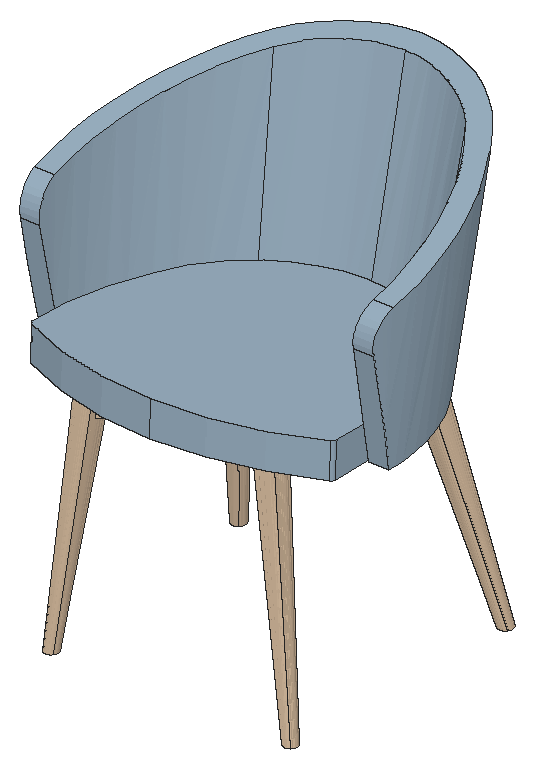
Revit family "FU_Stool_Sandler_Kicca 167", category Furniture, Revit 2020
Family settings
  OmniClass Number = 23.40.20.00
  OmniClass Title = General Furniture and Specialties
  Work Plane-Based = No
  Always vertical = Yes
  Cut with Voids When Loaded = No
  Shared = No
  Room Calculation Point = No
Parameters
  Width = 620 mm
  URL = "https://www.sandlerseating.com/product/kicca-167/"
  Seat Material = Leather - Sandler 227
  Model = "Kicca 167"
  Manufacturer = "Sandler"
  Height = 760 mm
  Frame Finish = Wood - Beech - Chestnut Stain
  Description = "Upholstered armchair with 4-leg solid wood frame."
  Depth = 570 mm
  Default Elevation = 0 mm
Reference planes
  plane 1 "Center (Front/Back)": y = 0
  plane 2: z = 0
  plane 3 "Center (Left/Right)": x = 0
  plane 4 "Right": x = -310
  plane 5 "Left": x = 310
  plane 6 "Back": y = 285
  plane 7 "Front": y = -285
  plane 8 "Height": z = 760
  plane 9 "Seat height": z = 460
  plane 10 "FL Angle RIGHT": through (4267.2, -236.096, 0) normal (0, -0.9984, 0.0559)
  plane 11 "BL Angle RIGHT": through (4267.2, 185.788, 0) normal (0, -0.9712, -0.2381)
  plane 12 "FRL Angle FRONT": through (-199.441, -1524, 0) normal (-0.9925, 0, 0.1226)
  plane 13 "FLL Angle FRONT": through (199.441, -1524, 0) normal (-0.9925, 0, -0.1226)
  plane 14 "BRL Angle Front": through (-224.525, -1524, 0) normal (-0.9852, 0, 0.1717)
  plane 15 "Cross Frame Angle RIGHT": through (4267.2, -223.687, 361.313) normal (0, 0.0438, 0.999)
Forms (mm)
  SweptBlend 1, solid, material "Wood - Beech - Chestnut Stain" <- "Frame Finish"
    path origin (0, -235.36, 13.167) x (0, -0.055857, -0.998439) y (1, 0, 0)
      loop
        line (19.937, -199.796) -> (-406.126, -147.097)
    profile origin (-199.796, -236.473, -6.739) x (-0.992437, 0.006857, 0.12256) y (0, -0.998439, 0.055857)
      loop
        arc (7.931, -7.622) -> (10.995, 0.334) -> (7.454, 8.09) r 11
        arc (7.454, 8.09) -> (-1.37, 10.914) -> (-9.222, 5.997) r 11
        arc (-9.222, 5.997) -> (-10.974, -0.759) -> (-8.308, -7.21) r 11
        arc (-8.308, -7.21) -> (-0.279, -10.996) -> (7.931, -7.622) r 11
    end profile origin (-147.097, -212.675, 418.659) x (-0.992437, 0.006857, 0.12256) y (0, -0.998439, 0.055857)
      loop
        line (18.077, 15.631) -> (-17.149, 18.095) -> (-19.541, -16.113) -> (15.685, -18.576) -> (18.077, 15.631)
  SweptBlend 2, solid, material "Wood - Beech - Chestnut Stain" <- "Frame Finish"
    path origin (0, -235.36, 13.167) x (0, -0.055857, -0.998439) y (-1, 0, 0)
      loop
        line (19.937, -199.796) -> (-406.126, -147.097)
    profile origin (199.796, -236.473, -6.739) x (-0.992437, -0.006857, -0.12256) y (0, -0.998439, 0.055857)
      loop
        arc (-7.931, -7.622) -> (0.279, -10.996) -> (8.308, -7.21) r 11
        arc (8.308, -7.21) -> (10.974, -0.759) -> (9.222, 5.997) r 11
        arc (9.222, 5.997) -> (1.37, 10.914) -> (-7.454, 8.09) r 11
        arc (-7.454, 8.09) -> (-10.995, 0.334) -> (-7.931, -7.622) r 11
    end profile origin (147.097, -212.675, 418.659) x (-0.992437, -0.006857, -0.12256) y (0, -0.998439, 0.055857)
      loop
        line (-18.077, 15.631) -> (-15.685, -18.576) -> (19.541, -16.113) -> (17.149, 18.095) -> (-18.077, 15.631)
  SweptBlend 3, solid, material "Wood - Beech - Chestnut Stain" <- "Frame Finish"
    path origin (0, 175.256, 42.961) x (0, 0.238086, -0.971244) y (1, 0, 0)
      loop
        line (59.699, -227.179) -> (-374.12, -153.685)
    profile origin (-227.179, 189.47, -15.02) x (-0.985952, -0.039768, 0.162228) y (0, -0.971244, -0.238086)
      loop
        arc (4.435, -4.781) -> (8.368, 2.34) -> (6.333, 10.216) r 11
        arc (6.333, 10.216) -> (-0.818, 14.584) -> (-8.97, 12.649) r 11
        arc (-8.97, 12.649) -> (-13.351, 5.773) -> (-11.796, -2.23) r 11
        arc (-11.796, -2.23) -> (-4.253, -7.146) -> (4.435, -4.781) r 11
    end profile origin (-153.685, 86.184, 406.324) x (-0.985952, -0.039768, 0.162228) y (0, -0.971244, -0.238086)
      loop
        line (18.077, 13.716) -> (-16.901, 14.937) -> (-16.901, -20.563) -> (18.077, -21.784) -> (18.077, 13.716)
  SweptBlend 4, solid, material "Wood - Beech - Chestnut Stain" <- "Frame Finish"
    path origin (0, 175.256, 42.961) x (0, 0.238086, -0.971244) y (-1, 0, 0)
      loop
        line (59.699, -227.179) -> (-374.12, -153.685)
    profile origin (227.179, 189.47, -15.02) x (-0.985952, 0.039768, -0.162228) y (0, -0.971244, -0.238086)
      loop
        arc (-4.435, -4.781) -> (4.253, -7.146) -> (11.796, -2.23) r 11
        arc (11.796, -2.23) -> (13.351, 5.773) -> (8.97, 12.649) r 11
        arc (8.97, 12.649) -> (0.818, 14.584) -> (-6.333, 10.216) r 11
        arc (-6.333, 10.216) -> (-8.368, 2.34) -> (-4.435, -4.781) r 11
    end profile origin (153.685, 86.184, 406.324) x (-0.985952, 0.039768, -0.162228) y (0, -0.971244, -0.238086)
      loop
        line (-18.077, 13.716) -> (-18.077, -21.784) -> (16.901, -20.563) -> (16.901, 14.937) -> (-18.077, 13.716)
  Extrusion 5, void
    sketch origin (0, 0, 0) x (1, 0, 0) y (0, 1, 0)
      loop
        line (-216.424, -220) -> (-216.424, -254.304) -> (-182.001, -254.304) -> (-182.001, -220) -> (-216.424, -220)
    from 0 to -15
  Extrusion 6, void
    sketch origin (0, 0, 0) x (-1, 0, 0) y (0, -1, 0)
      loop
        line (-216.424, 220) -> (-182.001, 220) -> (-182.001, 254.304) -> (-216.424, 254.304) -> (-216.424, 220)
    from 0 to -15
  Extrusion 7, void
    sketch origin (24.679, -50.599, 0) x (-1, 0, 0) y (0, -1, 0)
      loop
        line (-216.424, -218.092) -> (-216.424, -253.347) -> (-182.001, -253.347) -> (-182.001, -218.092) -> (-216.424, -218.092)
    from 0 to -26.796
  Extrusion 8, void
    sketch origin (-24.679, -50.599, 0) x (1, 0, 0) y (0, 1, 0)
      loop
        line (-216.424, 218.092) -> (-182.001, 218.092) -> (-182.001, 253.347) -> (-216.424, 253.347) -> (-216.424, 218.092)
    from 0 to -26.796
  Extrusion 9, solid, material "Wood - Beech - Chestnut Stain" <- "Frame Finish"
    sketch origin (0, 15.375, 350.836) x (0, -0.999041, 0.043783) y (1, 0, 0)
      loop
        line (221.723, -162.594) -> (243.428, -140.889) -> (-69.977, 172.516) -> (-91.681, 150.811) -> (221.723, -162.594)
    from 0 to 56.494
  Extrusion 10, solid, material "Wood - Beech - Chestnut Stain" <- "Frame Finish"
    sketch origin (0, 15.375, 350.836) x (0, -0.999041, 0.043783) y (1, 0, 0)
      loop
        line (221.723, 162.594) -> (-91.681, -150.811) -> (-69.977, -172.516) -> (243.428, 140.889) -> (221.723, 162.594)
    from 0 to 56.494
Cuts and joins
  Extrusion 8 cuts SweptBlend 3
  Extrusion 7 cuts SweptBlend 4
  Extrusion 6 cuts SweptBlend 2
  Extrusion 5 cuts SweptBlend 1
Dimensions and locks
  equal spacing: plane 4 "Right", plane 3 "Center (Left/Right)", plane 5 "Left"
  "Width": plane 4 "Right" to plane 5 "Left"
  equal spacing: plane 6 "Back", plane 1 "Center (Front/Back)", plane 7 "Front"
  "Depth": plane 6 "Back" to plane 7 "Front"
  "Height": plane 8 "Height" to level
  plane 9 "Seat height" to level = 460 mm
  aligned and locked: level to plane 2
Automatic sketch dimensions
  SweptBlend 1 sketch curve to plane 3 "Center (Left/Right)" = 147.097 mm
  SweptBlend 1 sketch curve to plane 4 "Right" = 110.204 mm
  SweptBlend 1 sketch curve to SweptBlend 1 sketch curve = 426.063 mm
  SweptBlend 1 sketch curve to SweptBlend 1 sketch curve = 0 mm  (x12)
  plane 10 "FL Angle RIGHT" to SweptBlend 1 sketch curve = 0 mm
  SweptBlend 1 sketch curve to profile plane = 0 mm
  profile plane to SweptBlend 1 sketch curve = 8.308 mm
  profile plane to SweptBlend 1 sketch curve = 9.222 mm
  SweptBlend 1 sketch curve to profile plane = 7.454 mm
  SweptBlend 1 sketch curve to profile plane = 7.931 mm
  SweptBlend 1 sketch curve to plane 10 "FL Angle RIGHT" = 7.21 mm
  profile plane to SweptBlend 1 sketch curve = 19.541 mm
  profile plane to SweptBlend 1 sketch curve = 17.149 mm
  SweptBlend 1 sketch curve to profile plane = 15.685 mm
  SweptBlend 1 sketch curve to plane 10 "FL Angle RIGHT" = 18.576 mm
  SweptBlend 1 sketch curve to plane 10 "FL Angle RIGHT" = 16.113 mm
  SweptBlend 2 sketch curve to plane 3 "Center (Left/Right)" = 147.097 mm
  SweptBlend 2 sketch curve to plane 5 "Left" = 110.204 mm
  SweptBlend 2 sketch curve to SweptBlend 2 sketch curve = 426.063 mm
  SweptBlend 2 sketch curve to SweptBlend 2 sketch curve = 0 mm  (x12)
  plane 10 "FL Angle RIGHT" to SweptBlend 2 sketch curve = 0 mm
  SweptBlend 2 sketch curve to profile plane = 0 mm
  profile plane to SweptBlend 2 sketch curve = 7.454 mm
  profile plane to SweptBlend 2 sketch curve = 7.931 mm
  SweptBlend 2 sketch curve to profile plane = 8.308 mm
  SweptBlend 2 sketch curve to profile plane = 9.222 mm
  SweptBlend 2 sketch curve to plane 10 "FL Angle RIGHT" = 7.21 mm
  profile plane to SweptBlend 2 sketch curve = 18.077 mm
  profile plane to SweptBlend 2 sketch curve = 15.685 mm
  SweptBlend 2 sketch curve to profile plane = 17.149 mm
  SweptBlend 2 sketch curve to plane 10 "FL Angle RIGHT" = 18.576 mm
  SweptBlend 2 sketch curve to plane 10 "FL Angle RIGHT" = 16.113 mm
  SweptBlend 3 sketch curve to plane 3 "Center (Left/Right)" = 153.685 mm
  SweptBlend 3 sketch curve to plane 4 "Right" = 82.821 mm
  SweptBlend 3 sketch curve to SweptBlend 3 sketch curve = 433.819 mm
  SweptBlend 3 sketch curve to SweptBlend 3 sketch curve = 0 mm  (x12)
  profile plane to SweptBlend 3 sketch curve = 2.545 mm
  plane 11 "BL Angle RIGHT" to SweptBlend 3 sketch curve = 3.721 mm
  profile plane to SweptBlend 3 sketch curve = 8.97 mm
  SweptBlend 3 sketch curve to plane 11 "BL Angle RIGHT" = 2.23 mm
  SweptBlend 3 sketch curve to SweptBlend 3 sketch curve = 9.252 mm
  SweptBlend 3 sketch curve to profile plane = 4.435 mm
  SweptBlend 3 sketch curve to profile plane = 6.333 mm
  profile plane to SweptBlend 3 sketch curve = 16.901 mm
  SweptBlend 3 sketch curve to profile plane = 18.077 mm
  SweptBlend 3 sketch curve to plane 11 "BL Angle RIGHT" = 21.784 mm
  SweptBlend 3 sketch curve to plane 11 "BL Angle RIGHT" = 20.563 mm
  plane 11 "BL Angle RIGHT" to SweptBlend 3 sketch curve = 13.716 mm
  plane 11 "BL Angle RIGHT" to SweptBlend 3 sketch curve = 14.937 mm
  SweptBlend 4 sketch curve to plane 3 "Center (Left/Right)" = 153.685 mm
  SweptBlend 4 sketch curve to plane 5 "Left" = 82.821 mm
  SweptBlend 4 sketch curve to SweptBlend 4 sketch curve = 433.819 mm
  SweptBlend 4 sketch curve to SweptBlend 4 sketch curve = 0 mm  (x12)
  SweptBlend 4 sketch curve to profile plane = 2.545 mm
  plane 11 "BL Angle RIGHT" to SweptBlend 4 sketch curve = 3.721 mm
  profile plane to SweptBlend 4 sketch curve = 4.435 mm
  profile plane to SweptBlend 4 sketch curve = 6.333 mm
  SweptBlend 4 sketch curve to profile plane = 8.97 mm
  SweptBlend 4 sketch curve to plane 11 "BL Angle RIGHT" = 2.23 mm
  SweptBlend 4 sketch curve to SweptBlend 4 sketch curve = 9.252 mm
  profile plane to SweptBlend 4 sketch curve = 18.077 mm
  SweptBlend 4 sketch curve to profile plane = 16.901 mm
  SweptBlend 4 sketch curve to plane 11 "BL Angle RIGHT" = 21.784 mm
  SweptBlend 4 sketch curve to plane 11 "BL Angle RIGHT" = 20.563 mm
  plane 11 "BL Angle RIGHT" to SweptBlend 4 sketch curve = 13.716 mm
  plane 11 "BL Angle RIGHT" to SweptBlend 4 sketch curve = 14.937 mm
  plane 7 "Front" to Extrusion 5 sketch curve = 30.696 mm
  Extrusion 5 sketch curve to plane 4 "Right" = 93.576 mm
  Extrusion 5 sketch curve to Extrusion 5 sketch curve = 34.423 mm
  Extrusion 5 sketch curve to Extrusion 5 sketch curve = 34.304 mm
  Extrusion 6 sketch curve to plane 7 "Front" = 30.696 mm
  Extrusion 6 sketch curve to plane 5 "Left" = 93.576 mm
  Extrusion 6 sketch curve to Extrusion 6 sketch curve = 34.423 mm
  Extrusion 6 sketch curve to Extrusion 6 sketch curve = 34.304 mm
  plane 5 "Left" to Extrusion 7 sketch curve = 68.897 mm
  Extrusion 7 sketch curve to Extrusion 7 sketch curve = 34.423 mm
  Extrusion 7 sketch curve to plane 6 "Back" = 82.252 mm
  Extrusion 7 sketch curve to Extrusion 7 sketch curve = 35.255 mm
  plane 4 "Right" to Extrusion 8 sketch curve = 68.897 mm
  Extrusion 8 sketch curve to Extrusion 8 sketch curve = 34.423 mm
  plane 6 "Back" to Extrusion 8 sketch curve = 82.252 mm
  Extrusion 8 sketch curve to Extrusion 8 sketch curve = 35.255 mm
  plane 3 "Center (Left/Right)" to Extrusion 9 sketch curve = 150.811 mm
  plane 5 "Left" to Extrusion 9 sketch curve = 137.484 mm
  Extrusion 9 sketch curve to Extrusion 9 sketch curve = 21.705 mm
  Extrusion 9 sketch curve to plane 4 "Right" = 147.406 mm
  plane 3 "Center (Left/Right)" to Extrusion 10 sketch curve = 150.811 mm
  plane 4 "Right" to Extrusion 10 sketch curve = 137.484 mm
  Extrusion 10 sketch curve to Extrusion 10 sketch curve = 21.705 mm
  Extrusion 10 sketch curve to plane 5 "Left" = 147.406 mm
Nested families
  nested 1: "Kicca Seat" at (0, 0, -340), Seat Material <- "Seat Material", type "Kicca 366"
    with Seat Material Leather - Sandler 227
Definition of nested family "Kicca Seat"
  Parameters (values of type "Kicca 366")
    Width = 620 mm
    URL = "https://www.sandlerseating.com/range/kicca/"
    Seat Material [instance] = none
    Model = "Kicca Seat"
    Manufacturer = "Sandler"
    Height = 1100 mm
    Description = ""
    Depth = 570 mm
    Default Elevation = 0 mm
  Reference planes
    plane 1 "Center (Front/Back)": y = 0
    plane 2: z = 0
    plane 3 "Center (Left/Right)": x = 0
    plane 4 "Right": x = -310
    plane 5 "Left": x = 310
    plane 6 "Back": y = 285
    plane 7 "Front": y = -285
    plane 8 "Height": z = 1100
    plane 9 "Seat height": z = 800
    plane 10 "Seat base": through (4267.2, -277.142, 743.663) normal (0, 0.0372, 0.9993)
  Forms (mm)
    SweptBlend 1, solid, material <- "Seat Material"
      path origin (0, 0, 0) x (0, 1, 0) y (0, 0, 1)
        loop
          line (181.357, 633.473) -> (286.148, 1101.895)
      profile "Pro_Kica_Back_Base : Pro_Kica_Back_Base" origin (0, 181.357, 633.473) x (0, -0.975878, 0.218315) y (1, 0, 0)
        loop
          arc (33.233, 0) -> (47.234, 72.081) -> (85.061, 135.016) r 211.263
          arc (85.061, 135.016) -> (231.256, 230.404) -> (404.501, 251.804) r 386.802
          line (404.501, 251.804) -> (404.501, 283.54)
          arc (404.501, 283.54) -> (211.471, 262.364) -> (52.124, 151.38) r 393.137
          arc (52.124, 151.38) -> (14.694, 79.604) -> (0, 0) r 272.498
          arc (0, 0) -> (14.694, -79.604) -> (52.124, -151.38) r 272.498
          arc (52.124, -151.38) -> (211.471, -262.364) -> (404.501, -283.54) r 393.137
          line (404.501, -283.54) -> (404.501, -251.804)
          arc (404.501, -251.804) -> (231.256, -230.404) -> (85.061, -135.016) r 386.802
          arc (85.061, -135.016) -> (47.234, -72.081) -> (33.233, 0) r 211.263
      end profile "Pro_Kica_Back_Top : Pro_Kica_Back_Top" origin (0, 286.148, 1101.895) x (0, -0.975878, 0.218315) y (1, 0, 0)
        loop
          arc (32.528, 0) -> (51.499, 88.387) -> (101.901, 163.431) r 239.326
          arc (101.901, 163.431) -> (266.83, 255.445) -> (455.136, 269.914) r 440.391
          line (455.136, 269.914) -> (455.136, 303.653)
          arc (455.136, 303.653) -> (250.154, 286.066) -> (73.556, 180.52) r 457.956
          arc (73.556, 180.52) -> (20.404, 97.059) -> (1.16, 0) r 267.996
          arc (1.16, 0) -> (20.404, -97.059) -> (73.556, -180.52) r 267.996
          arc (73.556, -180.52) -> (250.154, -286.066) -> (455.136, -303.653) r 457.956
          line (455.136, -303.653) -> (455.136, -269.914)
          arc (455.136, -269.914) -> (266.83, -255.445) -> (101.901, -163.431) r 440.391
          arc (101.901, -163.431) -> (51.499, -88.387) -> (32.528, 0) r 239.326
    Extrusion 2, void
      sketch origin (0, 0, 0) x (0, 1, 0) y (0, 0, 1)
        loop
          line (285, 724.424) -> (285, 1100.394) -> (-145.712, 984.985)
          arc (-145.712, 984.985) -> (-175.288, 963) -> (-181.767, 926.722) r 50
          line (-181.767, 926.722) -> (-143.513, 738.67) -> (285, 724.424)
        loop
          line (-229.627, 1243.815) -> (-229.627, 623.815) -> (305.373, 623.815) -> (305.373, 1243.815) -> (-229.627, 1243.815)
      from -330 to 330
    Extrusion 3, solid, material <- "Seat Material"
      sketch origin (0, 27.234, 732.344) x (0, -0.999309, 0.037161) y (1, 0, 0)
        loop
          arc (-141.38, 0) -> (-127.875, -70.263) -> (-93.057, -132.767) r 225.694
          arc (-93.057, -132.767) -> (-38.698, -184.135) -> (28.163, -217.646) r 256.598
          arc (28.163, -217.646) -> (130.45, -246.661) -> (236.587, -252.951) r 490.455
          arc (236.587, -252.951) -> (240.475, -251.72) -> (243.255, -248.737) r 8.019
          arc (243.255, -248.737) -> (290.183, -128.246) -> (306.715, 0) r 533.019
          arc (306.715, 0) -> (290.183, 128.246) -> (243.255, 248.737) r 533.019
          arc (243.255, 248.737) -> (240.475, 251.72) -> (236.587, 252.951) r 8.019
          arc (236.587, 252.951) -> (130.45, 246.661) -> (28.163, 217.646) r 490.455
          arc (28.163, 217.646) -> (-38.698, 184.135) -> (-93.057, 132.767) r 256.598
          arc (-93.057, 132.767) -> (-127.875, 70.263) -> (-141.38, 0) r 225.694
      from 0 to 58
  Cuts and joins
    Extrusion 2 cuts SweptBlend 1
  Dimensions and locks
    equal spacing: plane 4 "Right", plane 3 "Center (Left/Right)", plane 5 "Left"
    "Width": plane 4 "Right" to plane 5 "Left"
    equal spacing: plane 6 "Back", plane 1 "Center (Front/Back)", plane 7 "Front"
    "Depth": plane 6 "Back" to plane 7 "Front"
    "Height": plane 8 "Height" to level
    plane 9 "Seat height" to level = 800 mm
    locked: plane 8 "Height" to plane 9 "Seat height" at 300
    aligned and locked: level to plane 2
  Automatic sketch dimensions
    SweptBlend 1 sketch curve to plane 6 "Back" = 103.643 mm
    plane 6 "Back" to SweptBlend 1 sketch curve = 1.148 mm
    plane 8 "Height" to SweptBlend 1 sketch curve = 1.895 mm
    Extrusion 2 sketch curve to plane 6 "Back" = 0 mm
    plane 1 "Center (Front/Back)" to Extrusion 2 sketch curve = 132.771 mm
    plane 7 "Front" to Extrusion 2 sketch curve = 141.487 mm
    Extrusion 2 sketch curve to Extrusion 2 sketch curve = 12.941 mm
    Extrusion 2 sketch curve to Extrusion 2 sketch curve = 48.996 mm
    plane 7 "Front" to Extrusion 2 sketch curve = 55.373 mm
    plane 6 "Back" to Extrusion 2 sketch curve = 20.373 mm
    plane 9 "Seat height" to Extrusion 2 sketch curve = 126.722 mm
    Extrusion 2 sketch curve to Extrusion 2 sketch curve = 9.967 mm
    plane 8 "Height" to Extrusion 2 sketch curve = 0.394 mm
    Extrusion 3 sketch curve to plane 3 "Center (Left/Right)" = 0 mm  (x2)
    plane 3 "Center (Left/Right)" to Extrusion 3 sketch curve = 3.522 mm
    Extrusion 3 sketch curve to plane 3 "Center (Left/Right)" = 3.522 mm
    Extrusion 3 sketch curve to Extrusion 3 sketch curve = 0 mm  (x7)
    plane 3 "Center (Left/Right)" to Extrusion 3 sketch curve = 6.929 mm
    Extrusion 3 sketch curve to Extrusion 3 sketch curve = 310.499 mm
    Extrusion 3 sketch curve to plane 3 "Center (Left/Right)" = 6.929 mm
    Extrusion 3 sketch curve to plane 3 "Center (Left/Right)" = 26.058 mm
    Extrusion 3 sketch curve to Extrusion 3 sketch curve = 24.273 mm  (x2)
    plane 3 "Center (Left/Right)" to Extrusion 3 sketch curve = 26.058 mm
    Extrusion 3 sketch curve to Extrusion 3 sketch curve = 103.881 mm  (x2)
    plane 5 "Left" to Extrusion 3 sketch curve = 73.095 mm
    Extrusion 3 sketch curve to Extrusion 3 sketch curve = 23.83 mm  (x2)
    Extrusion 3 sketch curve to Extrusion 3 sketch curve = 8.037 mm  (x2)
    Extrusion 3 sketch curve to Extrusion 3 sketch curve = 84.912 mm
    plane 5 "Left" to Extrusion 3 sketch curve = 92.354 mm
    plane 8 "Height" to Extrusion 2 sketch curve = 143.815 mm
    SweptBlend 1 sketch curve to plane 9 "Seat height" = 166.527 mm
    Extrusion 2 sketch curve to plane 9 "Seat height" = 61.33 mm
    Extrusion 2 sketch curve to plane 9 "Seat height" = 75.576 mm
    Extrusion 2 sketch curve to Extrusion 2 sketch curve = 100.609 mm
    Extrusion 3 sketch curve to plane 4 "Right" = 73.095 mm
    Extrusion 3 sketch curve to plane 4 "Right" = 92.354 mm
